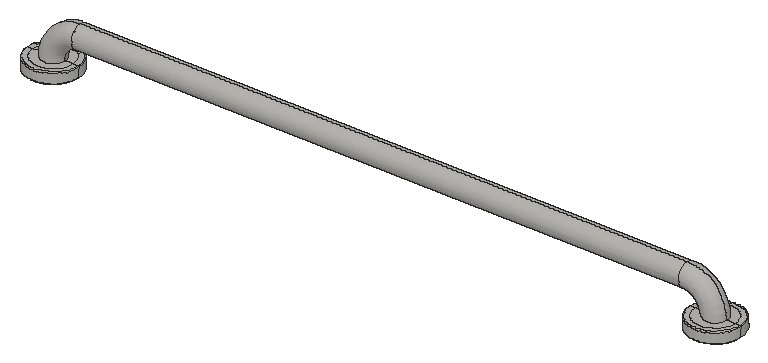
Revit family "Accessory-Grab_Bars-KOHLER-Contemporary-K-14564", category Generic Models, host Face, Revit 2015
Parameters (values of type "BS-Brushed Stainless")
  Width = 2 13/16"  # constant formula
  URL = "http://www.us.kohler.com/us/"
  Type = 3
  Product Page URL = "http://www.us.kohler.com/onlinecatalog/detail.jsp?prod_num=14564"
  Product Name = "Contemporary"  # constant formula
  Product Documentation Link = "http://www.us.kohler.com/onlinecatalog/pdf/K-14564_spec.pdf"
  Model = if(Type = 1, "K-14564-S", if(Type = 2, "K-14564-BN", if(Type = 3, "K-14564-BS", if(Type = 4, "K-14564-TT", "NA"))))  # "K-14564-BS"
  Material = "Premium Metal"  # constant formula
  MasterFormat 2004 = "10.28.13"  # constant formula
  MasterFormat 1995 = "10820"  # constant formula
  Manufacturer Address = "444 Highland Drive, Kohler, WI 53044"  # constant formula
  Manufacturer = "Kohler"  # constant formula
  Length = 38 13/16"  # constant formula
  Height = 2 3/4"  # constant formula
  Finish = Metal-Kohler-BS-Brushed Stainless
  Description = "Contemporary 36inch grab bar"  # constant formula
  Default Elevation = 42"
  Date Modified = "09/15/2017"  # constant formula
  Date Created = "08/30/2017"  # constant formula
  Copyright = "Copyright by Kohler Co."  # constant formula
  Contact Us = "https://www.us.kohler.com/us/static/contact.jsp"
  Assembly Code = "C1030200"
  ADA Compliant = yes
Types (5): name | Type | Model | Finish
  (no name) | 3 | "K-14564-BS" | Metal-Kohler-BS-Brushed Stainless
  S-Polished Stainless | 1 | "K-14564-S" | Metal-Kohler-S-Polished Stainless
  BN-Vibrant Brushed Nickel | 2 | "K-14564-BN" | Metal-Kohler-BN-Vibrant Brushed Nickel
  BS-Brushed Stainless | 3 | "K-14564-BS" | Metal-Kohler-BS-Brushed Stainless
  TT-Vibrant Titanium | 4 | "K-14564-TT" | Metal-Kohler-TT-Vibrant Titanium
Reference planes (in)
  plane 1 "Center (Front/Back)": y = 0
  plane 2: z = 0
  plane 3 "Center (Left/Right)": x = 0
  plane 4: y = 1.39966
  plane 5: y = -1.41284
  plane 6: x = -19.39858
  plane 7: x = 19.41392
  plane 8: z = 2.75
Dimensions and locks (in)
  "Width": plane 4 to plane 5
  "Length": plane 6 to plane 7
  "Height": plane 8 to plane 2
  aligned and locked: plane 2 to host face
  aligned and locked: level to host face
Automatic sketch dimensions
  host sketch curve to host sketch curve = 96"  (x2)
Nested families (in)
  nested 1: "K-14564" at (0, 0, 0), type "K-14564"
Definition of nested family "K-14564"
  Parameters (values of type "K-14564")
    Material = none
    Half Distance = Center Distance / 2  # 18"
    Center Distance = 36"
  Reference planes (in)
    plane 1 "Center (Front/Back)": y = 0
    plane 2: z = 0
    plane 3 "Center (Left/Right)": x = 0
  Forms (in)
    Revolve 1, solid, material <- "Material"
      sketch origin (0, 0, 0) x (1, 0, 0) y (0, 0, 1)
        loop
          line (-19.4, 0.0787) -> (-19.35114, 0.0787) -> (-19.35114, 0.04795) -> (-19.29399, 0) -> (-18, 0) -> (-18, 0.64356) -> (-18.25994, 0.64356)
          arc (-18.25994, 0.64356) -> (-18.67474, 0.64086) -> (-19.08948, 0.63277) r 31.89824
          line (-19.08948, 0.63277) -> (-19.36245, 0.62567)
          arc (-19.36245, 0.62567) -> (-19.38906, 0.61403) -> (-19.4, 0.58713) r 0.03855
          line (-19.4, 0.58713) -> (-19.4, 0.0787)
        axis (-18, 0.64356) -> (-18, 0)
      angle from 0 to 360
    Revolve 2, solid, material <- "Material"
      sketch origin (0, 0, 0) x (-1, 0, 0) y (0, 0, 1)
        loop
          line (-19.4, 0.0787) -> (-19.35114, 0.0787) -> (-19.35114, 0.04795) -> (-19.29399, 0) -> (-18, 0) -> (-18, 0.64356) -> (-18.25994, 0.64356)
          arc (-18.25994, 0.64356) -> (-18.67474, 0.64086) -> (-19.08948, 0.63277) r 31.89824
          line (-19.08948, 0.63277) -> (-19.36245, 0.62567)
          arc (-19.36245, 0.62567) -> (-19.38906, 0.61403) -> (-19.4, 0.58713) r 0.03855
          line (-19.4, 0.58713) -> (-19.4, 0.0787)
        axis (-18, 0.64356) -> (-18, 0)
      angle from 0 to 360
    Sweep 3, solid, material <- "Material"
      path origin (0, 0, 0) x (1, 0, 0) y (0, 0, 1)
        loop
          line (-18, 0.28461) -> (-18, 0.625)
          arc (-18, 0.625) -> (-17.56066, 1.68566) -> (-16.5, 2.125) r 1.5
          line (-16.5, 2.125) -> (16.5, 2.125)
          arc (16.5, 2.125) -> (17.56066, 1.68566) -> (18, 0.625) r 1.5
          line (18, 0.625) -> (18, 0.375)
      profile origin (-18, 0, 0.28461) x (-1, 0, 0) y (0, -1, 0)
        loop
          circle (0, 0) r 0.625
  Cuts and joins
    joined: Revolve 1, Revolve 2, Sweep 3
  Lines and regions (in)
    Masking region 1
      outline origin (0, 0, 0) x (1, 0, 0) y (0, 0, 1)
        loop
          arc (16.498, 1.49935) -> (17.11131, 1.2492) -> (17.37473, 0.64146) r 0.87694
          line (17.37473, 0.64146) -> (16.63722, 0.62543)
          arc (16.63722, 0.62543) -> (16.61085, 0.61401) -> (16.6, 0.5874) r 0.03804
          line (16.6, 0.5874) -> (16.6, 0.0787) -> (16.64886, 0.0787) -> (16.64886, 0.04795) -> (16.70601, 0) -> (19.29399, 0) -> (19.35114, 0.04795) -> (19.35114, 0.0787) -> (19.4, 0.0787) -> (19.4, 0.58816)
          arc (19.4, 0.58816) -> (19.38913, 0.61478) -> (19.36274, 0.62619) r 0.03804
          line (19.36274, 0.62619) -> (18.62494, 0.64146)
          arc (18.62494, 0.64146) -> (18.0087, 2.13185) -> (16.51883, 2.74935) r 2.10611
          line (16.51883, 2.74935) -> (-16.51883, 2.74935)
          arc (-16.51883, 2.74935) -> (-18.0087, 2.13186) -> (-18.62494, 0.64147) r 2.10611
          line (-18.62494, 0.64147) -> (-19.35686, 0.62869)
          arc (-19.35686, 0.62869) -> (-19.38741, 0.61557) -> (-19.4, 0.5848) r 0.0439
          line (-19.4, 0.5848) -> (-19.4, 0.0787) -> (-19.35114, 0.0787) -> (-19.35114, 0.04795) -> (-19.29399, 0) -> (-16.70601, 0) -> (-16.64886, 0.04795) -> (-16.64886, 0.0787) -> (-16.6, 0.0787) -> (-16.6, 0.5881)
          arc (-16.6, 0.5881) -> (-16.61065, 0.61421) -> (-16.63651, 0.62542) r 0.03733
          line (-16.63651, 0.62542) -> (-17.37473, 0.64147)
          arc (-17.37473, 0.64147) -> (-17.11131, 1.2492) -> (-16.498, 1.49935) r 0.87694
          line (-16.498, 1.49935) -> (16.498, 1.49935)
    Masking region 2
      outline origin (0, 0, 0) x (0, 1, 0) y (0, 0, 1)
        loop
          line (1.35114, 0.0787) -> (1.4, 0.0787) -> (1.4, 0.58569)
          arc (1.4, 0.58569) -> (1.38843, 0.61403) -> (1.36034, 0.62618) r 0.0405
          line (1.36034, 0.62618) -> (0.625, 0.64147) -> (0.625, 2.12565)
          arc (0.625, 2.12565) -> (0, 2.75065) -> (-0.625, 2.12565) r 0.625
          line (-0.625, 2.12565) -> (-0.625, 0.64147) -> (-1.36034, 0.62618)
          arc (-1.36034, 0.62618) -> (-1.38843, 0.61403) -> (-1.4, 0.58569) r 0.0405
          line (-1.4, 0.58569) -> (-1.4, 0.0787) -> (-1.35114, 0.0787) -> (-1.35114, 0.04795) -> (-1.29399, 0) -> (1.29399, 0) -> (1.35114, 0.04795) -> (1.35114, 0.0787)
    Masking region 3
      outline origin (0, 0, 0) x (1, 0, 0) y (0, 1, 0)
        loop
          arc (16.74726, -0.625) -> (19.4, 0) -> (16.74726, 0.625) r 1.4
          line (16.74726, 0.625) -> (-16.74726, 0.625)
          arc (-16.74726, 0.625) -> (-19.4, 0) -> (-16.74726, -0.625) r 1.4
          line (-16.74726, -0.625) -> (16.74726, -0.625)
    symbolic lines, detail levels medium+fine
      curve 1: line (0, 0.625, 0.64147) -> (0, -0.625, 0.64147)
      curve 2: line (0, 1.35114, 0.0787) -> (0, -1.35114, 0.0787)
      curve 3: line (0, 1.35114, 0.04795) -> (0, -1.35114, 0.04795)
      curve 4: arc (-18, -0.625, 0) -> (-18.62503, -0.00531, 0) -> (-18.0107, 0.625, 0) r 0.62505
      curve 5: arc (18, -0.625, 0) -> (18.62503, -0.00531, 0) -> (18.0107, 0.625, 0) r 0.62505
      curve 6: line (-16.74736, 0.625, 0) -> (-18.0107, 0.625, 0)
      curve 7: line (-16.74736, -0.625, 0) -> (-18, -0.625, 0)
      curve 8: line (16.74736, 0.625, 0) -> (18.0107, 0.625, 0)
      curve 9: line (16.74736, -0.625, 0) -> (18, -0.625, 0)
      curve 10: line (-19.35114, 0, 0.0787) -> (-16.64886, 0, 0.0787)
      curve 11: line (-19.35114, 0, 0.04795) -> (-16.64886, 0, 0.04795)
      curve 12: line (16.64886, 0, 0.0787) -> (19.35114, 0, 0.0787)
      curve 13: line (16.64886, 0, 0.04795) -> (19.35114, 0, 0.04795)
      curve 14: line (17.37495, 0, 0.64147) -> (18.62471, 0, 0.64147)
      curve 15: line (-18.62498, 0, 0.64147) -> (-17.3747, 0, 0.64147)
  Dimensions and locks (in)
    "Center Distance": Sweep 3 sketch curve to Sweep 3 sketch curve
    equal spacing: Sweep 3 sketch curve, plane 3 "Center (Left/Right)", Sweep 3 sketch curve
    "Half Distance": Revolve 1 sketch curve to plane 3 "Center (Left/Right)"
    "Half Distance": Revolve 2 sketch curve to plane 3 "Center (Left/Right)"
    "Center Distance": Masking region 3 sketch curve to Masking region 3 sketch curve
    equal spacing: Masking region 3 sketch curve, plane 3 "Center (Left/Right)", Masking region 3 sketch curve
    "Center Distance": curve 4 to curve 5
    equal spacing: curve 4, plane 3 "Center (Left/Right)", curve 5
    aligned and locked: plane 2 to level
    aligned and locked: Masking region 1 sketch curve to cut or joined group of Revolve 1, Revolve 2, Sweep 3  (x18)
    aligned and locked: curve 10 to Masking region 1
    aligned and locked: Masking region 1 to curve 10
    aligned and locked: Masking region 1 to curve 11
    aligned and locked: curve 11 to Masking region 1
    aligned and locked: curve 12 to Masking region 1
    aligned and locked: Masking region 1 to curve 13
    aligned and locked: Masking region 1 to curve 12
    aligned and locked: curve 13 to Masking region 1
    aligned and locked: curve 14 to Masking region 1
    aligned and locked: Masking region 1 to curve 14
    aligned and locked: Masking region 1 to curve 15  (x2)
  Automatic sketch dimensions
    level to curve 3 = 0.04795"
    plane 1 "Center (Front/Back)" to curve 3 = 1.35114"
    curve 2 to curve 3 = 0"  (x2)
    plane 1 "Center (Front/Back)" to curve 1 = 5/8"
    curve 1 to plane 1 "Center (Front/Back)" = 5/8"
    curve 1 to curve 3 = 0.72613"
    curve 3 to curve 2 = 0.03075"
    level to curve 1 = 0.64147"
    plane 1 "Center (Front/Back)" to Sweep 3 sketch curve = 0"
    Sweep 3 sketch curve to profile plane = 0"
    Masking region 2 sketch curve to level = 0"
    Masking region 2 sketch curve to plane 1 "Center (Front/Back)" = 0"
    plane 1 "Center (Front/Back)" to Masking region 2 sketch curve = 5/8"
    Masking region 2 sketch curve to Masking region 2 sketch curve = 0.66899"  (x2)
    level to Masking region 2 sketch curve = 0.04795"  (x2)
    Masking region 2 sketch curve to Masking region 2 sketch curve = 0.05714"  (x2)
    Masking region 2 sketch curve to Masking region 2 sketch curve = 0.00837"  (x2)
    level to Masking region 2 sketch curve = 0.62618"  (x2)
    Masking region 2 sketch curve to Masking region 2 sketch curve = 0.00084"  (x2)
    Masking region 2 sketch curve to Masking region 2 sketch curve = 0.04886"  (x2)
    Masking region 2 sketch curve to Masking region 2 sketch curve = 0.03075"  (x2)
    level to Masking region 2 sketch curve = 0.64147"  (x2)
    Masking region 2 sketch curve to Masking region 2 sketch curve = 1.48418"
    level to Masking region 1 sketch curve = 0.62869"
    Masking region 1 sketch curve to Masking region 1 sketch curve = 0.04314"
    Masking region 1 sketch curve to Masking region 1 sketch curve = 0.0439"
    level to Masking region 1 sketch curve = 0.64147"  (x2)
    Masking region 1 sketch curve to Masking region 1 sketch curve = 0.73192"
    Masking region 1 sketch curve to Masking region 1 sketch curve = 0.77473"
    Masking region 1 sketch curve to Masking region 1 sketch curve = 0.03733"
    level to Masking region 1 sketch curve = 0.62542"
    Masking region 1 sketch curve to Masking region 1 sketch curve = 0.00081"
    Masking region 1 sketch curve to Masking region 1 sketch curve = 0.08117"
    Masking region 1 sketch curve to Masking region 1 sketch curve = 0.02084"  (x2)
    Masking region 1 sketch curve to Masking region 1 sketch curve = 0.102"
    level to Masking region 1 sketch curve = 0.62543"
    Masking region 1 sketch curve to Masking region 1 sketch curve = 0.03722"
    Masking region 1 sketch curve to Masking region 1 sketch curve = 0.00083"
    level to Masking region 1 sketch curve = 0.64146"  (x2)
    Masking region 1 sketch curve to Masking region 1 sketch curve = 0.73751"
    Masking region 1 sketch curve to Masking region 1 sketch curve = 0.77506"
    Masking region 1 sketch curve to Masking region 1 sketch curve = 0.05714"
    Masking region 1 sketch curve to Masking region 1 sketch curve = 0.03804"
    level to Masking region 1 sketch curve = 0.62619"
    Masking region 1 sketch curve to Masking region 1 sketch curve = 0.00079"
    Masking region 1 sketch curve to Masking region 1 sketch curve = 0.03075"  (x3)
    Masking region 1 sketch curve to Masking region 1 sketch curve = 0.03431"
    Masking region 1 sketch curve to Masking region 1 sketch curve = 0.02083"
    level to curve 13 = 0.04795"
    level to curve 11 = 0.04795"
    level to curve 12 = 0.0787"
    level to curve 10 = 0.0787"
    curve 12 to curve 14 = 0.56277"
    curve 11 to curve 15 = 0.59352"
    curve 6 to curve 4 = 0.0107"
    curve 5 to curve 8 = 0.0107"
    plane 1 "Center (Front/Back)" to curve 7 = 5/8"
    curve 4 to plane 1 "Center (Front/Back)" = 0.00005"
    curve 5 to plane 1 "Center (Front/Back)" = 0.00005"
    curve 8 to plane 1 "Center (Front/Back)" = 5/8"
    curve 4 to curve 6 = 1.26334"
    curve 7 to curve 6 = 0"
    curve 8 to curve 5 = 1.26334"
    curve 9 to curve 8 = 0"
    curve 9 to curve 5 = 0"
    curve 5 to curve 9 = 0"
    plane 1 "Center (Front/Back)" to curve 9 = 5/8"
    Revolve 1 sketch curve to level = 0"  (x2)
    Revolve 1 sketch curve to Revolve 1 sketch curve = 0.25994"
    level to Revolve 1 sketch curve = 0.63277"
    Revolve 1 sketch curve to Revolve 1 sketch curve = 0.82954"
    Revolve 1 sketch curve to Revolve 1 sketch curve = 0.20451"
    level to Revolve 1 sketch curve = 0.04795"
    Revolve 1 sketch curve to Revolve 1 sketch curve = 0.05714"
    Revolve 1 sketch curve to Revolve 1 sketch curve = 0.27197"
    level to Revolve 1 sketch curve = 0.62567"
    Revolve 1 sketch curve to Revolve 1 sketch curve = 0.001"
    Revolve 1 sketch curve to Revolve 1 sketch curve = 0.04886"
    Revolve 1 sketch curve to level = 31.25469"
    Revolve 1 sketch curve to Revolve 1 sketch curve = 0.03075"
    Revolve 1 sketch curve to Revolve 1 sketch curve = 0"
    Revolve 1 sketch curve to Revolve 1 sketch curve = 0.63566"
    Revolve 2 sketch curve to level = 0"  (x2)
    Revolve 2 sketch curve to Revolve 2 sketch curve = 0.25994"
    Revolve 2 sketch curve to level = 0.63277"
    Revolve 2 sketch curve to Revolve 2 sketch curve = 0.82954"
    Revolve 2 sketch curve to Revolve 2 sketch curve = 0.20451"
    Revolve 2 sketch curve to level = 0.04795"
    Revolve 2 sketch curve to Revolve 2 sketch curve = 0.05714"
    Revolve 2 sketch curve to Revolve 2 sketch curve = 0.27197"
    Revolve 2 sketch curve to level = 0.62567"
    Revolve 2 sketch curve to Revolve 2 sketch curve = 0.001"
    Revolve 2 sketch curve to Revolve 2 sketch curve = 0.04886"
    level to Revolve 2 sketch curve = 31.25469"
    Revolve 2 sketch curve to Revolve 2 sketch curve = 0.03075"
    Revolve 2 sketch curve to Revolve 2 sketch curve = 0"
    level to Revolve 2 sketch curve = 0.63566"
    level to Sweep 3 sketch curve = 5/8"  (x2)
    Sweep 3 sketch curve to Sweep 3 sketch curve = 1 1/2"
    Sweep 3 sketch curve to Sweep 3 sketch curve = 1/4"
    level to Sweep 3 sketch curve = 0.28461"
    plane 1 "Center (Front/Back)" to Masking region 3 sketch curve = 0"  (x2)
    Masking region 3 sketch curve to plane 1 "Center (Front/Back)" = 5/8"
    Masking region 3 sketch curve to Masking region 3 sketch curve = 1.25274"  (x2)
    plane 1 "Center (Front/Back)" to Masking region 3 sketch curve = 5/8"
    radius of Sweep 3 sketch curve = 5/8"
